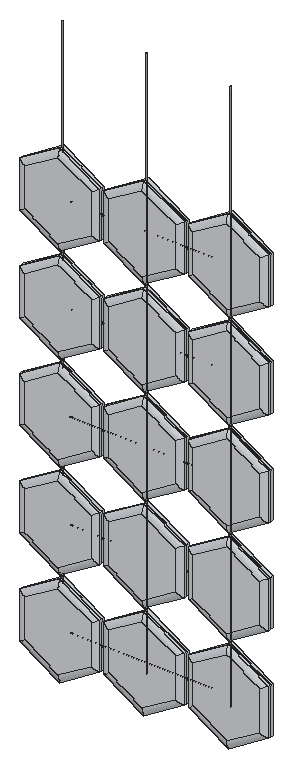
Revit family "HEX CONNECT", category Generic Models, host Ceiling, Revit 2019
Family settings
  Host = Ceiling
  Can host rebar = No
  Round Connector Dimension = Use Diameter
  Part Type = Normal
  Always vertical = Yes
  Cut with Voids When Loaded = No
  Shared = No
  Room Calculation Point = No
Parameters
  ROD LENGTH [instance] = 1' - 10 1/2"
  FRONT PANEL MATERIAL [instance] = none
  CABLE MATERIAL = none
  BACK PANEL MATERIAL [instance] = none
Reference planes (in)
  plane 1 "Center (Front/Back)": y = 0
  plane 2 "Ceiling": z = 120
  plane 3 "Center (Left/Right)": x = -2.96875
  plane 4: z = 11.25017
  plane 5: x = -2.96875
  plane 6: z = 49.75017
  plane 7: z = 88.25017
  plane 8: x = -19.75
  plane 9: x = 13.8125
  plane 10: z = 97.5
  plane 11: z = 2
  plane 12: x = 21.8125
  plane 13: x = -27.75
  plane 14: z = 59.37517
  plane 15: z = 40.12517
  plane 16: z = 30.50017
  plane 17: z = 69.00017
  plane 18: z = 78.62517
  plane 19: z = 20.87517
Forms (in)
  Extrusion 1, solid, material <- "CABLE MATERIAL"
    sketch origin (0, 0, 79) x (0, -1, 0) y (1, 0, 0)
      loop
        circle (0, -19.75) r 0.0625
      loop
        circle (0, -2.96875) r 0.0625
      loop
        circle (0, 13.8125) r 0.0625
    from -69.72761 to 41
  Extrusion 2, solid, material <- "CABLE MATERIAL"
    sketch origin (0, 0, 0) x (1, 0, 0) y (0, 0, 1)
      loop
        circle (-19.75, 59.37517) r 0.09375
      loop
        circle (-2.96875, 59.37517) r 0.09375
      loop
        circle (13.8125, 59.37517) r 0.09375
      loop
        circle (-19.75, 40.12517) r 0.09375
      loop
        circle (-2.96875, 40.12517) r 0.09375
      loop
        circle (13.8125, 40.12517) r 0.09375
      loop
        circle (-19.75, 20.87517) r 0.09375
      loop
        circle (-2.96875, 20.87517) r 0.09375
      loop
        circle (13.8125, 20.87517) r 0.09375
      loop
        circle (-19.75, 78.62517) r 0.09375
      loop
        circle (-2.96875, 78.62517) r 0.09375
      loop
        circle (13.8125, 78.62517) r 0.09375
      loop
        circle (5.45663, 30.48294) r 0.0625
      loop
        circle (-11.38783, 30.49917) r 0.0625
      loop
        circle (5.41682, 11.25017) r 0.0625
      loop
        circle (-11.37517, 11.25017) r 0.0625
      loop
        circle (5.41448, 49.75) r 0.0625
      loop
        circle (-11.36868, 49.75) r 0.0625
      loop
        circle (5.40869, 69) r 0.0625
      loop
        circle (-11.36868, 69) r 0.0625
      loop
        circle (5.43007, 88.25017) r 0.0625
      loop
        circle (-11.38238, 88.25017) r 0.0625
    from -0.25 to 0.25
  Extrusion 3, solid, material <- "CABLE MATERIAL"
    sketch origin (-17.33255, 24.75886, -14.3638) x (0, -1, 0) y (0, 0, 1)
      loop
        circle (24.75886, 102.61397) r 0.0625
      loop
        circle (24.75886, 64.11397) r 0.0625
      loop
        circle (24.75886, 83.36397) r 0.0625
      loop
        circle (24.69063, 25.61397) r 0.06823
      loop
        circle (24.75886, 44.86397) r 0.0625
    from -30.34459 to 0.87072
Lines and regions (in)
  model lines
    curve 1: circle (-19.75, -1200, 0) r 0.0625 normal (0, 0, 1)
    curve 2: circle (-2.96875, -1200, 0) r 0.0625 normal (0, 0, 1)
    curve 3: circle (13.8125, -1200, 0) r 0.0625 normal (0, 0, 1)
Dimensions and locks (in)
  equal spacing: host sketch curve, plane 3 "Center (Left/Right)", host sketch curve
  equal spacing: host sketch curve, plane 1 "Center (Front/Back)", host sketch curve
  host sketch curve to host sketch curve = 10' - 0"  (x2)
  equal spacing: plane 12, plane 3 "Center (Left/Right)", plane 13
  plane 10 to plane 7 to plane 17 to plane 6 to plane 16 to plane 4 to plane 11 to level = 0' - 9.24983" locked, 1' - 7 1/4" locked, 1' - 7 1/4" locked, 1' - 7 1/4" locked, 1' - 7 1/4" locked, 0' - 9.25017" locked, 0' - 2" locked
  equal spacing: plane 7, plane 18, plane 17
  equal spacing: plane 17, plane 14, plane 6
  equal spacing: plane 6, plane 15, plane 16
  equal spacing: plane 16, plane 19, plane 4
  "ROD LENGTH": plane 2 "Ceiling" to plane 10
  aligned and locked: plane 2 "Ceiling" to host ceiling
  aligned and locked: plane 2 "Ceiling" to Extrusion 1
  aligned and locked: plane 5 to plane 3 "Center (Left/Right)"
Automatic sketch dimensions
  plane 1 "Center (Front/Back)" to Extrusion 1 sketch curve = 0' - 0"  (x3)
  Extrusion 1 sketch curve to plane 8 = 0' - 0"
  Extrusion 1 sketch curve to plane 3 "Center (Left/Right)" = 0' - 0"
  Extrusion 1 sketch curve to plane 9 = 0' - 0"
  Extrusion 3 sketch curve to plane 6 = 0' - 0"
  Extrusion 3 sketch curve to plane 17 = 0' - 0"
  Extrusion 3 sketch curve to plane 4 = 0' - 0"
  Extrusion 3 sketch curve to plane 16 = 0' - 0"
  plane 7 to Extrusion 3 sketch curve = 0' - 0"
  Extrusion 3 sketch curve to plane 1 "Center (Front/Back)" = 0' - 0"  (x2)
  Extrusion 3 sketch curve to Extrusion 3 sketch curve = 0' - 0"  (x2)
  Extrusion 3 sketch curve to Extrusion 3 sketch curve = 0' - 0.06823"
  curve 1 to plane 8 = 0' - 0"
  curve 2 to plane 3 "Center (Left/Right)" = 0' - 0"
  curve 3 to plane 9 = 0' - 0"
  plane 1 "Center (Front/Back)" to curve 2 = 100' - 0"
  curve 2 to curve 3 = 0' - 0"
  curve 1 to curve 2 = 0' - 0"
  plane 8 to Extrusion 2 sketch curve = 0' - 0"  (x4)
  Extrusion 2 sketch curve to plane 4 = 0' - 0"  (x2)
  plane 5 to Extrusion 2 sketch curve = 0' - 0"  (x4)
  plane 9 to Extrusion 2 sketch curve = 0' - 0"  (x4)
  Extrusion 2 sketch curve to plane 19 = 0' - 0"  (x3)
  Extrusion 2 sketch curve to plane 15 = 0' - 0"  (x3)
  Extrusion 2 sketch curve to plane 14 = 0' - 0"  (x3)
  Extrusion 2 sketch curve to plane 18 = 0' - 0"  (x3)
  Extrusion 2 sketch curve to plane 7 = 0' - 0"  (x2)
  plane 3 "Center (Left/Right)" to Extrusion 2 sketch curve = 0' - 8.39882"
  Extrusion 2 sketch curve to plane 3 "Center (Left/Right)" = 0' - 8.41363"
  Extrusion 2 sketch curve to plane 16 = 0' - 0.001"
  Extrusion 2 sketch curve to plane 8 = 0' - 8.36217"
  Extrusion 2 sketch curve to plane 8 = 0' - 8.37483"
  Extrusion 2 sketch curve to plane 6 = 0' - 0.00017"  (x2)
  Extrusion 2 sketch curve to plane 8 = 0' - 8.38132"  (x2)
  Extrusion 2 sketch curve to plane 17 = 0' - 0.00017"  (x2)
  Extrusion 2 sketch curve to plane 5 = 0' - 8.37744"
  Extrusion 2 sketch curve to plane 5 = 0' - 8.38323"
  Extrusion 2 sketch curve to plane 5 = 0' - 8.38557"
  Extrusion 2 sketch curve to plane 16 = 0' - 0.01722"
  plane 9 to Extrusion 2 sketch curve = 0' - 8.35587"
  radius of Extrusion 1 sketch curve = 0' - 0 1/16"  (x3)
  radius of Extrusion 3 sketch curve = 0' - 0 1/16"  (x4)
  radius of Extrusion 3 sketch curve = 0' - 0.06823"
  radius of curve 1 = 0' - 0 1/16"
  radius of curve 2 = 0' - 0 1/16"
  radius of curve 3 = 0' - 0 1/16"
  radius of Extrusion 2 sketch curve = 0' - 0 3/32"  (x12)
  radius of Extrusion 2 sketch curve = 0' - 0 1/16"  (x10)
Nested families (in)
  nested 1: "HEX CONNECT PANEL" at (-19.75, 0, 11.25017), BACK PANEL MATERIAL <- "BACK PANEL MATERIAL", FRONT PANEL MATERIAL <- "FRONT PANEL MATERIAL", type "HEX CONNECT PANEL"
    with FRONT PANEL MATERIAL none, BACK PANEL MATERIAL none
  nested 2: "HEX CONNECT PANEL" at (-2.96875, 0, 11.25017), BACK PANEL MATERIAL <- "BACK PANEL MATERIAL", FRONT PANEL MATERIAL <- "FRONT PANEL MATERIAL", type "HEX CONNECT PANEL"
    with FRONT PANEL MATERIAL none, BACK PANEL MATERIAL none
  nested 3: "HEX CONNECT PANEL" at (13.8125, 0, 11.25017), BACK PANEL MATERIAL <- "BACK PANEL MATERIAL", FRONT PANEL MATERIAL <- "FRONT PANEL MATERIAL", type "HEX CONNECT PANEL"
    with FRONT PANEL MATERIAL none, BACK PANEL MATERIAL none
  nested 4: "HEX CONNECT PANEL" at (-19.75, 0, 88.25017), BACK PANEL MATERIAL <- "BACK PANEL MATERIAL", FRONT PANEL MATERIAL <- "FRONT PANEL MATERIAL", type "HEX CONNECT PANEL"
    with FRONT PANEL MATERIAL none, BACK PANEL MATERIAL none
  nested 5: "HEX CONNECT PANEL" at (-2.96875, 0, 88.25017), BACK PANEL MATERIAL <- "BACK PANEL MATERIAL", FRONT PANEL MATERIAL <- "FRONT PANEL MATERIAL", type "HEX CONNECT PANEL"
    with FRONT PANEL MATERIAL none, BACK PANEL MATERIAL none
  nested 6: "HEX CONNECT PANEL" at (13.8125, 0, 88.25017), BACK PANEL MATERIAL <- "BACK PANEL MATERIAL", FRONT PANEL MATERIAL <- "FRONT PANEL MATERIAL", type "HEX CONNECT PANEL"
    with FRONT PANEL MATERIAL none, BACK PANEL MATERIAL none
  nested 7: "HEX CONNECT PANEL" at (-19.75, 0, 30.50017), BACK PANEL MATERIAL <- "BACK PANEL MATERIAL", FRONT PANEL MATERIAL <- "FRONT PANEL MATERIAL", type "HEX CONNECT PANEL"
    with FRONT PANEL MATERIAL none, BACK PANEL MATERIAL none
  nested 8: "HEX CONNECT PANEL" at (-2.96875, 0, 30.50017), BACK PANEL MATERIAL <- "BACK PANEL MATERIAL", FRONT PANEL MATERIAL <- "FRONT PANEL MATERIAL", type "HEX CONNECT PANEL"
    with FRONT PANEL MATERIAL none, BACK PANEL MATERIAL none
  nested 9: "HEX CONNECT PANEL" at (13.8125, 0, 30.50017), BACK PANEL MATERIAL <- "BACK PANEL MATERIAL", FRONT PANEL MATERIAL <- "FRONT PANEL MATERIAL", type "HEX CONNECT PANEL"
    with FRONT PANEL MATERIAL none, BACK PANEL MATERIAL none
  nested 10: "HEX CONNECT PANEL" at (-19.75, 0, 49.75017), BACK PANEL MATERIAL <- "BACK PANEL MATERIAL", FRONT PANEL MATERIAL <- "FRONT PANEL MATERIAL", type "HEX CONNECT PANEL"
    with FRONT PANEL MATERIAL none, BACK PANEL MATERIAL none
  nested 11: "HEX CONNECT PANEL" at (-2.96875, 0, 49.75017), BACK PANEL MATERIAL <- "BACK PANEL MATERIAL", FRONT PANEL MATERIAL <- "FRONT PANEL MATERIAL", type "HEX CONNECT PANEL"
    with FRONT PANEL MATERIAL none, BACK PANEL MATERIAL none
  nested 12: "HEX CONNECT PANEL" at (13.8125, 0, 49.75017), BACK PANEL MATERIAL <- "BACK PANEL MATERIAL", FRONT PANEL MATERIAL <- "FRONT PANEL MATERIAL", type "HEX CONNECT PANEL"
    with FRONT PANEL MATERIAL none, BACK PANEL MATERIAL none
  nested 13: "HEX CONNECT PANEL" at (-19.75, 0, 69.00017), BACK PANEL MATERIAL <- "BACK PANEL MATERIAL", FRONT PANEL MATERIAL <- "FRONT PANEL MATERIAL", type "HEX CONNECT PANEL"
    with FRONT PANEL MATERIAL none, BACK PANEL MATERIAL none
  nested 14: "HEX CONNECT PANEL" at (-2.96875, 0, 69.00017), BACK PANEL MATERIAL <- "BACK PANEL MATERIAL", FRONT PANEL MATERIAL <- "FRONT PANEL MATERIAL", type "HEX CONNECT PANEL"
    with FRONT PANEL MATERIAL none, BACK PANEL MATERIAL none
  nested 15: "HEX CONNECT PANEL" at (13.8125, 0, 69.00017), BACK PANEL MATERIAL <- "BACK PANEL MATERIAL", FRONT PANEL MATERIAL <- "FRONT PANEL MATERIAL", type "HEX CONNECT PANEL"
    with FRONT PANEL MATERIAL none, BACK PANEL MATERIAL none
Definition of nested family "HEX CONNECT PANEL"
  Parameters (values of type "HEX CONNECT PANEL")
    FRONT PANEL MATERIAL [instance] = none
    BACK PANEL MATERIAL [instance] = none
  Reference planes (in)
    plane 1 "Center (Front/Back)": y = 0
    plane 2: z = 0
    plane 3 "Center (Left/Right)": x = 0
    plane 4: x = -8
    plane 5: y = 0.74971
    plane 6: y = -0.74971
    plane 7: x = 8
    plane 8: z = 0
    plane 9: z = 9.25017
    plane 10: z = -9.25017
    plane 11: z = 0
  Forms (in)
    Extrusion 1, solid, material <- "FRONT PANEL MATERIAL"
      sketch origin (0, 0, 0) x (0, 0, 1) y (-1, 0, 0)
        loop
          line (4.625, 8) -> (-4.625, 8) -> (-9.25, 0) -> (-4.625, -8) -> (4.625, -8) -> (9.25, 0) -> (4.625, 8)
      from 0 to 1
    Sweep 2, void
      path in 3D
        loop
          line (-8, -1, -4.625) -> (0, -1, -9.25) -> (8, -1, -4.625) -> (8, -1, 4.625) -> (0, -1, 9.25) -> (-8, -1, 4.625) -> (-8, -1, -4.625)
      profile origin (-8, -1, 0) x (-1, 0, 0) y (0, -1, 0)
        loop
          line (0.25, 0) -> (0.25, 0.25) -> (0, 0.25) -> (-1.5, 0.25) -> (-1.5, 0)
          arc (-1.5, 0) -> (-0.70375, -0.11125) -> (0, -0.5) r 2.20984
          line (0, -0.5) -> (0.25, -0.5) -> (0.25, 0)
    Extrusion 3, solid, material <- "BACK PANEL MATERIAL"
      sketch origin (0, 0, 0) x (0, 0, 1) y (1, 0, 0)
        loop
          line (4.625, -8) -> (9.25, 0) -> (4.625, 8) -> (-4.625, 8) -> (-9.25, 0) -> (-4.625, -8) -> (4.625, -8)
      from 0 to 1
    Sweep 4, void
      path in 3D
        loop
          line (-8, 1, -4.625) -> (0, 1, -9.25) -> (8, 1, -4.625) -> (8, 1, 4.625) -> (0, 1, 9.25) -> (-8, 1, 4.625) -> (-8, 1, -4.625)
      profile origin (-8, 1, 0) x (-1, 0, 0) y (0, -1, 0)
        loop
          line (0.25, 0) -> (0.25, 0.5) -> (0, 0.5)
          arc (0, 0.5) -> (-0.70375, 0.11125) -> (-1.5, 0) r 2.20984
          line (-1.5, 0) -> (-1.5, -0.25) -> (0, -0.25) -> (0.25, -0.25) -> (0.25, 0)
  Cuts and joins
    Sweep 2, Sweep 4 cuts Extrusion 1
    Sweep 4 cuts Extrusion 3
  Lines and regions (in)
    sketch lines
      curve 1: line (-8, -1, 4.625) -> (-8, -1, -4.625)
      curve 2: line (0, -1, 9.25) -> (-8, -1, 4.625)
      curve 3: line (8, -1, 4.625) -> (0, -1, 9.25)
      curve 4: line (8, -1, -4.625) -> (8, -1, 4.625)
      curve 5: line (0, -1, -9.25) -> (8, -1, -4.625)
      curve 6: line (-8, -1, -4.625) -> (0, -1, -9.25)
      curve 7: line (-8, 1, 4.625) -> (-8, 1, -4.625)
      curve 8: line (0, 1, 9.25) -> (-8, 1, 4.625)
      curve 9: line (8, 1, 4.625) -> (0, 1, 9.25)
      curve 10: line (8, 1, -4.625) -> (8, 1, 4.625)
      curve 11: line (0, 1, -9.25) -> (8, 1, -4.625)
      curve 12: line (-8, 1, -4.625) -> (0, 1, -9.25)
  Dimensions and locks (in)
    aligned and locked: plane 2 to level
    aligned and locked: Extrusion 1 to Sweep 2  (x2)
